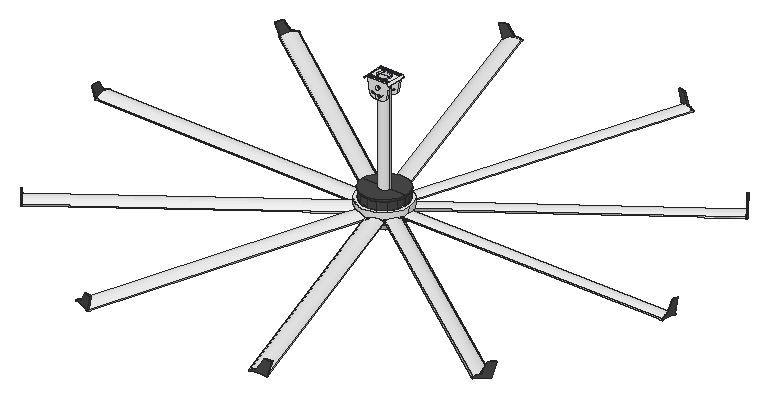
Revit family
Parameters
  Ceiling Mount Material = none
Reference planes (in)
  plane 1 "Center (Front/Back)": y = -1.94443
  plane 2: z = 0
  plane 3 "Center (Left/Right)": x = 0.13406
  plane 4: through (-0.0146, -1.94449, -47.875) normal (-0.7071, 0.7071, 0)
  plane 5: through (-0.0146, -1.94449, -47.875) normal (-0.7071, -0.7071, 0)
  plane 6: through (-0.0146, -1.94449, -47.875) normal (0.7071, 0.7071, 0)
  plane 7: through (-0.0146, -1.94449, -47.875) normal (0.7071, -0.7071, 0)
  plane 8: through (-0.0146, -1.94449, -47.875) normal (-0.9239, 0.3827, 0)
  plane 9: through (-0.0146, -1.94449, -47.875) normal (-0.9239, -0.3827, 0)
  plane 10: through (-0.0146, -1.94449, -47.875) normal (0.9239, 0.3827, 0)
  plane 11: through (-0.0146, -1.94449, -47.875) normal (0.9239, -0.3827, 0)
  plane 12: through (-0.0146, -1.94449, -47.875) normal (-0.3827, 0.9239, 0)
  plane 13: through (-0.0146, -1.94449, -47.875) normal (0.3827, 0.9239, 0)
  plane 14: through (-0.0146, -1.94449, -47.875) normal (-0.3827, -0.9239, 0)
  plane 15: through (-0.0146, -1.94449, -47.875) normal (0.3827, -0.9239, 0)
Forms (in)
  Revolve 1, solid, material <- "Ceiling Mount Material"
    sketch origin (-0.0146, -1.94449, -96) x (1, 0, 0) y (0, 0, 1)
      loop
        line (0, 96) -> (-2.40625, 96) -> (-2.40625, 94.72313) -> (0, 93.60108) -> (0, 96)
      axis (0, 96) -> (0, 93.60108)
    angle from 0 to 360
  Extrusion 2, solid, material "Metal - Chrome"
    sketch origin (-0.0146, -1.94449, -95.875) x (1, 0, 0) y (0, 1, 0)
      loop
        circle (0, 0) r 9.5
      loop
        circle (0, 0) r 8.5
    from 50.92047 to 53.3206
  Extrusion 3, solid, material "Metal - Chrome 3"
    sketch origin (-0.0146, -1.94449, -95.875) x (1, 0, 0) y (0, 1, 0)
      loop
        circle (0, 0) r 7
      loop
        line (-8.21166, 0) -> (-7.00909, -2.90326) -> (-7.58658, -3.14246) -> (-5.36452, -5.36452) -> (-5.80652, -5.80652) -> (-2.90326, -7.00909) -> (-3.14246, -7.58658) -> (0, -7.58658) -> (0, -8.21166) -> (2.90326, -7.00909) -> (3.14246, -7.58658) -> (5.36452, -5.36452) -> (5.80652, -5.80652) -> (7.00909, -2.90326) -> (7.58658, -3.14246) -> (7.58658, 0) -> (8.21166, 0) -> (7.00909, 2.90326) -> (7.58658, 3.14246) -> (5.36452, 5.36452) -> (5.80652, 5.80652) -> (2.90326, 7.00909) -> (3.14246, 7.58658) -> (0, 7.58658) -> (0, 8.21166) -> (-2.90326, 7.00909) -> (-3.14246, 7.58658) -> (-5.36452, 5.36452) -> (-5.83363, 5.83363) -> (-7.00909, 2.90326) -> (-7.58658, 3.14246) -> (-7.58658, 0) -> (-8.21166, 0)
    from 53.3206 to 56.42047
  Revolve 4, solid, material "Metal - Chrome 1"
    sketch origin (-0.0146, -1.94449, -95.875) x (1, 0, 0) y (0, 0, 1)
      loop
        arc (-9.5, 49.14541) -> (-5.43697, 45.34356) -> (-0.01159, 44.10761) r 10.65771
        line (-0.01159, 44.10761) -> (-0.01159, 49.14541) -> (-9.5, 49.14541)
      axis (0, 49.14541) -> (0, 44.10761)
    angle from 0 to 360
  Revolve 5, solid, material "Metal - Chrome 3"
    sketch origin (-0.0146, -1.94449, -95.9375) x (1, 0, 0) y (0, 0, 1)
      loop
        line (-3.2881, 44.56611) -> (-3.2881, 44.37399) -> (-2.75325, 44.37399)
        arc (-2.75325, 44.37399) -> (-1.39585, 44.04374) -> (0, 43.98704) r 7.06499
        line (0, 43.98704) -> (0, 44.56611) -> (-3.2881, 44.56611)
      axis (0, 44.56611) -> (0, 43.98704)
    angle from 0 to 360
  Revolve 6, solid, material "Metal - Chrome 3"
    sketch origin (-0.0146, -1.94449, -95.875) x (1, 0, 0) y (0, 0, 1)
      loop
        line (-8.0625, 56.47507) -> (0, 56.47507) -> (0, 57.12611) -> (-8.48529, 57.12611)
        arc (-8.48529, 57.12611) -> (-8.38748, 56.72683) -> (-8.0625, 56.47507) r 0.62391
      axis (0, 57.12611) -> (0, 56.47507)
    angle from 0 to 360
  Extrusion 7, solid, material "Metal - Chrome 2"
    sketch origin (-0.0146, -1.94449, -96) x (1, 0, 0) y (0, 1, 0)
      loop
        circle (0, 0) r 2
      loop
        circle (0, 0) r 1.75
    from 53.3206 to 95.78091
  Extrusion 8, solid, material "Metal - Chrome 2"
    sketch origin (-0.0146, -1.94449, -96) x (1, 0, 0) y (0, 0, 1)
      loop
        line (-4.80927, 95.25058) -> (-4.63249, 95.0738) -> (-3.92538, 95.78091) -> (3.94629, 95.78091) -> (4.64295, 95.08425) -> (4.81972, 95.26103) -> (4.08075, 96) -> (-4.05984, 96) -> (-4.80927, 95.25058)
    from -3.60387 to 3.73167
  Extrusion 9, solid, material "Metal - Chrome 2"
    sketch origin (-0.0146, -1.94449, -96) x (1, 0, 0) y (0, 0, 1)
      loop
        line (-3.97662, 96) -> (-3.97662, 94.75) -> (-3.37771, 89.87223)
        arc (-3.37771, 89.87223) -> (-0.00678, 88.52676) -> (3.36415, 89.87223) r 4.8955
        line (3.36415, 89.87223) -> (3.94303, 94.58682) -> (3.94303, 96) -> (-3.97662, 96)
      loop
        arc (-1.92245, 91.01505) -> (-2.32161, 90.98032) -> (-2.28376, 90.58144) r 0.28222
        arc (-2.28376, 90.58144) -> (0.0022, 89.65625) -> (2.28692, 90.58451) r 3.28125
        arc (2.28692, 90.58451) -> (2.31915, 90.9574) -> (1.95474, 91.04279) r 0.28596
        arc (1.95474, 91.04279) -> (0.02129, 90.31067) -> (-1.92245, 91.01505) r 2.97538
    from 2.4684 to 3.00597
  Extrusion 10, solid, material "Metal - Chrome 2"
    sketch origin (-0.0146, -1.94449, -96) x (1, 0, 0) y (0, 0, 1)
      loop
        line (-3.97662, 96) -> (-3.97662, 94.75) -> (-3.37771, 89.87223)
        arc (-3.37771, 89.87223) -> (-0.00678, 88.52676) -> (3.36415, 89.87223) r 4.8955
        line (3.36415, 89.87223) -> (3.94303, 94.58682) -> (3.94303, 96) -> (-3.97662, 96)
      loop
        arc (-1.92245, 91.01505) -> (-2.32161, 90.98032) -> (-2.28376, 90.58144) r 0.28222
        arc (-2.28376, 90.58144) -> (0.0022, 89.65625) -> (2.28692, 90.58451) r 3.28125
        arc (2.28692, 90.58451) -> (2.31915, 90.9574) -> (1.95474, 91.04279) r 0.28596
        arc (1.95474, 91.04279) -> (0.02129, 90.31067) -> (-1.92245, 91.01505) r 2.97538
    from -2.96317 to -2.45815
  Extrusion 11, solid, material "Metal - Chrome 2"
    sketch origin (-0.0146, -1.94449, -96) x (1, 0, 0) y (0, 0, 1)
      loop
        circle (0, 89.91168) r 0.60835
    from -3.36965 to -2.96317
  Extrusion 12, solid, material "Metal - Chrome 2"
    sketch origin (-0.0146, -1.94449, -92.96875) x (1, 0, 0) y (0, 0, 1)
      loop
        circle (0, 89.91168) r 0.60835
    from -3.36965 to -2.96317
  Extrusion 13, solid, material "Metal - Chrome 2"
    sketch origin (-0.0146, -1.94449, -92.96875) x (1, 0, 0) y (0, 0, 1)
      loop
        circle (0, 89.91168) r 0.60835
    from 3.00597 to 3.44198
  Extrusion 14, solid, material "Metal - Chrome 2"
    sketch origin (-0.0146, -1.94449, -96) x (1, 0, 0) y (0, 0, 1)
      loop
        circle (0, 89.91168) r 0.60835
    from 3.00597 to 3.44198
  Extrusion 15, solid
    sketch origin (-0.0146, -1.94449, -96) x (1, 0, 0) y (0, 0, 1)
      loop
        circle (0, 89.91168) r 0.25
    from -2.45815 to 2.4684
  Extrusion 16, solid
    sketch origin (-0.0146, -1.94449, -92.96875) x (1, 0, 0) y (0, 0, 1)
      loop
        circle (0, 89.91168) r 0.25
    from -2.45815 to 2.4684
  Extrusion 17, solid, material "Metal - Chrome 2"
    sketch origin (-4.14226, -34.47329, -95.875) x (-0.007506, -0.999972, 0) y (0, 0, 1)
      loop
        arc (-29.27109, 49.75227) -> (-29.04889, 49.89467) -> (-29.10156, 50.15328) r 0.23339
        arc (-29.10156, 50.15328) -> (-31.98284, 51.54192) -> (-35.12337, 50.93595) r 5.08611
        arc (-35.12337, 50.93595) -> (-35.22188, 50.63788) -> (-34.93368, 50.51341) r 0.23249
        arc (-34.93368, 50.51341) -> (-32.0514, 50.51215) -> (-29.27109, 49.75227) r 10.85332
    from 3.88785 to 105.83464
  Extrusion 18, solid, material "Metal - Chrome 3"
    sketch origin (-39.65756, -1.47442, -95.875) x (0, -1, 0) y (0, 0, 1)
      loop
        arc (-0.58433, 51.5841) -> (-1.84289, 51.41328) -> (-3.01989, 50.93595) r 5.08611
        arc (-3.01989, 50.93595) -> (-3.1184, 50.63788) -> (-2.8302, 50.51341) r 0.23249
        arc (-2.8302, 50.51341) -> (0.05208, 50.51215) -> (2.83239, 49.75227) r 10.85332
        arc (2.83239, 49.75227) -> (3.03144, 49.85147) -> (3.02967, 50.07387) r 0.20994
        line (3.02967, 50.07387) -> (4.50284, 55.21142)
        arc (4.50284, 55.21142) -> (3.15266, 55.51968) -> (1.7679, 55.49887) r 5.79641
        line (1.7679, 55.49887) -> (-0.58433, 51.5841)
    from 70 to 70.35704
  Extrusion 19, solid, material "Metal - Chrome 2"
    sketch origin (-22.44021, -25.87515, -95.875) x (-0.592633, -0.805473, 0) y (0, 0, 1)
      loop
        arc (-29.27109, 49.75227) -> (-29.04889, 49.89467) -> (-29.10156, 50.15328) r 0.23339
        arc (-29.10156, 50.15328) -> (-31.98284, 51.54192) -> (-35.12337, 50.93595) r 5.08611
        arc (-35.12337, 50.93595) -> (-35.22188, 50.63788) -> (-34.93368, 50.51341) r 0.23249
        arc (-34.93368, 50.51341) -> (-32.0514, 50.51215) -> (-29.27109, 49.75227) r 10.85332
    from 3.88785 to 105.83464
  Extrusion 20, solid, material "Metal - Chrome 3"
    sketch origin (-31.84785, 21.68279, -95.875) x (-0.58657, -0.809898, 0) y (0, 0, 1)
      loop
        arc (-0.58433, 51.5841) -> (-1.84289, 51.41328) -> (-3.01989, 50.93595) r 5.08611
        arc (-3.01989, 50.93595) -> (-3.1184, 50.63788) -> (-2.8302, 50.51341) r 0.23249
        arc (-2.8302, 50.51341) -> (0.05208, 50.51215) -> (2.83239, 49.75227) r 10.85332
        arc (2.83239, 49.75227) -> (3.03144, 49.85147) -> (3.02967, 50.07387) r 0.20994
        line (3.02967, 50.07387) -> (4.50284, 55.21142)
        arc (4.50284, 55.21142) -> (3.15266, 55.51968) -> (1.7679, 55.49887) r 5.79641
        line (1.7679, 55.49887) -> (-0.58433, 51.5841)
    from 70 to 70.35704
  Extrusion 21, solid, material "Metal - Chrome 2"
    sketch origin (-32.21628, -8.1785, -95.875) x (-0.952439, -0.304731, 0) y (0, 0, 1)
      loop
        arc (-29.27109, 49.75227) -> (-29.04889, 49.89467) -> (-29.10156, 50.15328) r 0.23339
        arc (-29.10156, 50.15328) -> (-31.98284, 51.54192) -> (-35.12337, 50.93595) r 5.08611
        arc (-35.12337, 50.93595) -> (-35.22188, 50.63788) -> (-34.93368, 50.51341) r 0.23249
        arc (-34.93368, 50.51341) -> (-32.0514, 50.51215) -> (-29.27109, 49.75227) r 10.85332
    from 3.88785 to 105.83464
  Extrusion 22, solid, material "Metal - Chrome 3"
    sketch origin (-11.93945, 35.85685, -95.875) x (-0.950124, -0.311871, 0) y (0, 0, 1)
      loop
        arc (-0.58433, 51.5841) -> (-1.84289, 51.41328) -> (-3.01989, 50.93595) r 5.08611
        arc (-3.01989, 50.93595) -> (-3.1184, 50.63788) -> (-2.8302, 50.51341) r 0.23249
        arc (-2.8302, 50.51341) -> (0.05208, 50.51215) -> (2.83239, 49.75227) r 10.85332
        arc (2.83239, 49.75227) -> (3.03144, 49.85147) -> (3.02967, 50.07387) r 0.20994
        line (3.02967, 50.07387) -> (4.50284, 55.21142)
        arc (4.50284, 55.21142) -> (3.15266, 55.51968) -> (1.7679, 55.49887) r 5.79641
        line (1.7679, 55.49887) -> (-0.58433, 51.5841)
    from 70 to 70.35704
  Extrusion 23, solid, material "Metal - Chrome 2"
    sketch origin (-29.75358, 11.88835, -95.875) x (-0.950124, 0.311871, 0) y (0, 0, 1)
      loop
        arc (-29.27109, 49.75227) -> (-29.04889, 49.89467) -> (-29.10156, 50.15328) r 0.23339
        arc (-29.10156, 50.15328) -> (-31.98284, 51.54192) -> (-35.12337, 50.93595) r 5.08611
        arc (-35.12337, 50.93595) -> (-35.22188, 50.63788) -> (-34.93368, 50.51341) r 0.23249
        arc (-34.93368, 50.51341) -> (-32.0514, 50.51215) -> (-29.27109, 49.75227) r 10.85332
    from 3.88785 to 105.83464
  Extrusion 24, solid, material "Metal - Chrome 3"
    sketch origin (12.49841, 35.65871, -95.875) x (-0.952439, 0.304731, 0) y (0, 0, 1)
      loop
        arc (-0.58433, 51.5841) -> (-1.84289, 51.41328) -> (-3.01989, 50.93595) r 5.08611
        arc (-3.01989, 50.93595) -> (-3.1184, 50.63788) -> (-2.8302, 50.51341) r 0.23249
        arc (-2.8302, 50.51341) -> (0.05208, 50.51215) -> (2.83239, 49.75227) r 10.85332
        arc (2.83239, 49.75227) -> (3.03144, 49.85147) -> (3.02967, 50.07387) r 0.20994
        line (3.02967, 50.07387) -> (4.50284, 55.21142)
        arc (4.50284, 55.21142) -> (3.15266, 55.51968) -> (1.7679, 55.49887) r 5.79641
        line (1.7679, 55.49887) -> (-0.58433, 51.5841)
    from 70 to 70.35704
  Extrusion 25, solid, material "Metal - Chrome 2"
    sketch origin (-15.98843, 26.6959, -95.875) x (-0.58657, 0.809898, 0) y (0, 0, 1)
      loop
        arc (-29.27109, 49.75227) -> (-29.04889, 49.89467) -> (-29.10156, 50.15328) r 0.23339
        arc (-29.10156, 50.15328) -> (-31.98284, 51.54192) -> (-35.12337, 50.93595) r 5.08611
        arc (-35.12337, 50.93595) -> (-35.22188, 50.63788) -> (-34.93368, 50.51341) r 0.23249
        arc (-34.93368, 50.51341) -> (-32.0514, 50.51215) -> (-29.27109, 49.75227) r 10.85332
    from 3.88785 to 105.83464
  Extrusion 26, solid, material "Metal - Chrome 3"
    sketch origin (32.17438, 21.16373, -95.875) x (-0.592633, 0.805473, 0) y (0, 0, 1)
      loop
        arc (-0.58433, 51.5841) -> (-1.84289, 51.41328) -> (-3.01989, 50.93595) r 5.08611
        arc (-3.01989, 50.93595) -> (-3.1184, 50.63788) -> (-2.8302, 50.51341) r 0.23249
        arc (-2.8302, 50.51341) -> (0.05208, 50.51215) -> (2.83239, 49.75227) r 10.85332
        arc (2.83239, 49.75227) -> (3.03144, 49.85147) -> (3.02967, 50.07387) r 0.20994
        line (3.02967, 50.07387) -> (4.50284, 55.21142)
        arc (4.50284, 55.21142) -> (3.15266, 55.51968) -> (1.7679, 55.49887) r 5.79641
        line (1.7679, 55.49887) -> (-0.58433, 51.5841)
    from 70 to 70.35704
  Extrusion 27, solid, material "Metal - Chrome 2"
    sketch origin (3.84561, 30.61429, -95.875) x (0, 1, 0) y (0, 0, 1)
      loop
        arc (-29.27109, 49.75227) -> (-29.04889, 49.89467) -> (-29.10156, 50.15328) r 0.23339
        arc (-29.10156, 50.15328) -> (-31.98284, 51.54192) -> (-35.12337, 50.93595) r 5.08611
        arc (-35.12337, 50.93595) -> (-35.22188, 50.63788) -> (-34.93368, 50.51341) r 0.23249
        arc (-34.93368, 50.51341) -> (-32.0514, 50.51215) -> (-29.27109, 49.75227) r 10.85332
    from 3.88785 to 105.83464
  Extrusion 28, solid, material "Metal - Chrome 3"
    sketch origin (39.60759, -2.11707, -95.875) x (-0.007506, 0.999972, 0) y (0, 0, 1)
      loop
        arc (-0.58433, 51.5841) -> (-1.84289, 51.41328) -> (-3.01989, 50.93595) r 5.08611
        arc (-3.01989, 50.93595) -> (-3.1184, 50.63788) -> (-2.8302, 50.51341) r 0.23249
        arc (-2.8302, 50.51341) -> (0.05208, 50.51215) -> (2.83239, 49.75227) r 10.85332
        arc (2.83239, 49.75227) -> (3.03144, 49.85147) -> (3.02967, 50.07387) r 0.20994
        line (3.02967, 50.07387) -> (4.50284, 55.21142)
        arc (4.50284, 55.21142) -> (3.15266, 55.51968) -> (1.7679, 55.49887) r 5.79641
        line (1.7679, 55.49887) -> (-0.58433, 51.5841)
    from 70 to 70.35704
  Extrusion 29, solid, material "Metal - Chrome 2"
    sketch origin (22.20758, 22.15374, -95.875) x (0.58657, 0.809898, 0) y (0, 0, 1)
      loop
        arc (-29.27109, 49.75227) -> (-29.04889, 49.89467) -> (-29.10156, 50.15328) r 0.23339
        arc (-29.10156, 50.15328) -> (-31.98284, 51.54192) -> (-35.12337, 50.93595) r 5.08611
        arc (-35.12337, 50.93595) -> (-35.22188, 50.63788) -> (-34.93368, 50.51341) r 0.23249
        arc (-34.93368, 50.51341) -> (-32.0514, 50.51215) -> (-29.27109, 49.75227) r 10.85332
    from 3.88785 to 105.83464
  Extrusion 30, solid, material "Metal - Chrome 3"
    sketch origin (31.97192, -25.33225, -95.875) x (0.580475, 0.814278, 0) y (0, 0, 1)
      loop
        arc (-0.58433, 51.5841) -> (-1.84289, 51.41328) -> (-3.01989, 50.93595) r 5.08611
        arc (-3.01989, 50.93595) -> (-3.1184, 50.63788) -> (-2.8302, 50.51341) r 0.23249
        arc (-2.8302, 50.51341) -> (0.05208, 50.51215) -> (2.83239, 49.75227) r 10.85332
        arc (2.83239, 49.75227) -> (3.03144, 49.85147) -> (3.02967, 50.07387) r 0.20994
        line (3.02967, 50.07387) -> (4.50284, 55.21142)
        arc (4.50284, 55.21142) -> (3.15266, 55.51968) -> (1.7679, 55.49887) r 5.79641
        line (1.7679, 55.49887) -> (-0.58433, 51.5841)
    from 70 to 70.35704
  Extrusion 31, solid, material "Metal - Chrome 2"
    sketch origin (32.11621, 4.53096, -95.875) x (0.950124, 0.311871, 0) y (0, 0, 1)
      loop
        arc (-29.27109, 49.75227) -> (-29.04889, 49.89467) -> (-29.10156, 50.15328) r 0.23339
        arc (-29.10156, 50.15328) -> (-31.98284, 51.54192) -> (-35.12337, 50.93595) r 5.08611
        arc (-35.12337, 50.93595) -> (-35.22188, 50.63788) -> (-34.93368, 50.51341) r 0.23249
        arc (-34.93368, 50.51341) -> (-32.0514, 50.51215) -> (-29.27109, 49.75227) r 10.85332
    from 3.88785 to 105.83464
  Extrusion 32, solid, material "Metal - Chrome 3"
    sketch origin (12.17046, -39.65533, -95.875) x (0.947757, 0.318994, 0) y (0, 0, 1)
      loop
        arc (-0.58433, 51.5841) -> (-1.84289, 51.41328) -> (-3.01989, 50.93595) r 5.08611
        arc (-3.01989, 50.93595) -> (-3.1184, 50.63788) -> (-2.8302, 50.51341) r 0.23249
        arc (-2.8302, 50.51341) -> (0.05208, 50.51215) -> (2.83239, 49.75227) r 10.85332
        arc (2.83239, 49.75227) -> (3.03144, 49.85147) -> (3.02967, 50.07387) r 0.20994
        line (3.02967, 50.07387) -> (4.50284, 55.21142)
        arc (4.50284, 55.21142) -> (3.15266, 55.51968) -> (1.7679, 55.49887) r 5.79641
        line (1.7679, 55.49887) -> (-0.58433, 51.5841)
    from 70 to 70.35704
  Extrusion 33, solid, material "Metal - Chrome 2"
    sketch origin (29.80419, -15.5538, -95.875) x (0.952439, -0.304731, 0) y (0, 0, 1)
      loop
        arc (-29.27109, 49.75227) -> (-29.04889, 49.89467) -> (-29.10156, 50.15328) r 0.23339
        arc (-29.10156, 50.15328) -> (-31.98284, 51.54192) -> (-35.12337, 50.93595) r 5.08611
        arc (-35.12337, 50.93595) -> (-35.22188, 50.63788) -> (-34.93368, 50.51341) r 0.23249
        arc (-34.93368, 50.51341) -> (-32.0514, 50.51215) -> (-29.27109, 49.75227) r 10.85332
    from 3.88785 to 105.83464
  Extrusion 34, solid, material "Metal - Chrome 3"
    sketch origin (-12.26819, -39.64064, -95.875) x (0.954699, -0.297573, 0) y (0, 0, 1)
      loop
        arc (-0.58433, 51.5841) -> (-1.84289, 51.41328) -> (-3.01989, 50.93595) r 5.08611
        arc (-3.01989, 50.93595) -> (-3.1184, 50.63788) -> (-2.8302, 50.51341) r 0.23249
        arc (-2.8302, 50.51341) -> (0.05208, 50.51215) -> (2.83239, 49.75227) r 10.85332
        arc (2.83239, 49.75227) -> (3.03144, 49.85147) -> (3.02967, 50.07387) r 0.20994
        line (3.02967, 50.07387) -> (4.50284, 55.21142)
        arc (4.50284, 55.21142) -> (3.15266, 55.51968) -> (1.7679, 55.49887) r 5.79641
        line (1.7679, 55.49887) -> (-0.58433, 51.5841)
    from 70 to 70.35704
  Extrusion 35, solid, material "Metal - Chrome 2"
    sketch origin (16.15057, -30.46426, -95.875) x (0.592633, -0.805473, 0) y (0, 0, 1)
      loop
        arc (-29.27109, 49.75227) -> (-29.04889, 49.89467) -> (-29.10156, 50.15328) r 0.23339
        arc (-29.10156, 50.15328) -> (-31.98284, 51.54192) -> (-35.12337, 50.93595) r 5.08611
        arc (-35.12337, 50.93595) -> (-35.22188, 50.63788) -> (-34.93368, 50.51341) r 0.23249
        arc (-34.93368, 50.51341) -> (-32.0514, 50.51215) -> (-29.27109, 49.75227) r 10.85332
    from 3.88785 to 105.83464
  Extrusion 36, solid, material "Metal - Chrome 3"
    sketch origin (-32.0524, -25.29374, -95.875) x (0.598662, -0.801002, 0) y (0, 0, 1)
      loop
        arc (-0.58433, 51.5841) -> (-1.84289, 51.41328) -> (-3.01989, 50.93595) r 5.08611
        arc (-3.01989, 50.93595) -> (-3.1184, 50.63788) -> (-2.8302, 50.51341) r 0.23249
        arc (-2.8302, 50.51341) -> (0.05208, 50.51215) -> (2.83239, 49.75227) r 10.85332
        arc (2.83239, 49.75227) -> (3.03144, 49.85147) -> (3.02967, 50.07387) r 0.20994
        line (3.02967, 50.07387) -> (4.50284, 55.21142)
        arc (4.50284, 55.21142) -> (3.15266, 55.51968) -> (1.7679, 55.49887) r 5.79641
        line (1.7679, 55.49887) -> (-0.58433, 51.5841)
    from 70 to 70.35704
  Extrusion 37, solid, material "Metal - Chrome 3"
    sketch origin (-0.0146, -1.94449, -97.625) x (1, 0, 0) y (0, 1, 0)
      loop
        circle (0, 0) r 9.5
      loop
        circle (0, 0) r 8.5
    from 50.89541 to 52.67047
  Extrusion 38, solid, material "Metal - Chrome 2", not visible
    sketch origin (-4.14226, -34.47329, -129.74813) x (-0.007506, -0.999972, 0) y (0, 0, 1)
      loop
        arc (-29.27109, 49.75227) -> (-29.04889, 49.89467) -> (-29.10156, 50.15328) r 0.23339
        arc (-29.10156, 50.15328) -> (-31.98284, 51.54192) -> (-35.12337, 50.93595) r 5.08611
        arc (-35.12337, 50.93595) -> (-35.22188, 50.63788) -> (-34.93368, 50.51341) r 0.23249
        arc (-34.93368, 50.51341) -> (-32.0514, 50.51215) -> (-29.27109, 49.75227) r 10.85332
    from 3.88785 to 105.83464
  Extrusion 39, solid, material "Metal - Chrome 3", not visible
    sketch origin (-39.65756, -1.47442, -129.74813) x (0, -1, 0) y (0, 0, 1)
      loop
        arc (-0.58433, 51.5841) -> (-1.84289, 51.41328) -> (-3.01989, 50.93595) r 5.08611
        arc (-3.01989, 50.93595) -> (-3.1184, 50.63788) -> (-2.8302, 50.51341) r 0.23249
        arc (-2.8302, 50.51341) -> (0.05208, 50.51215) -> (2.83239, 49.75227) r 10.85332
        arc (2.83239, 49.75227) -> (3.03144, 49.85147) -> (3.02967, 50.07387) r 0.20994
        line (3.02967, 50.07387) -> (4.50284, 55.21142)
        arc (4.50284, 55.21142) -> (3.15266, 55.51968) -> (1.7679, 55.49887) r 5.79641
        line (1.7679, 55.49887) -> (-0.58433, 51.5841)
    from 70 to 70.35704
Dimensions and locks (in)
  aligned and locked: plane 2 to level
Connectors (in)
  electrical at (-0.00414, -2.00839, 0)
    settings: on Extrusion 8, index 1, voltage 0 V, apparent load 0 VA, apparent load phase1 0 VA, apparent load phase2 0 VA, apparent load phase3 0 VA, power factor 1, load classification "Other", number of poles 1, system type 31, power factor state 1, is connector primary yes, connector utility no, sub classification motor no, connector description ""
